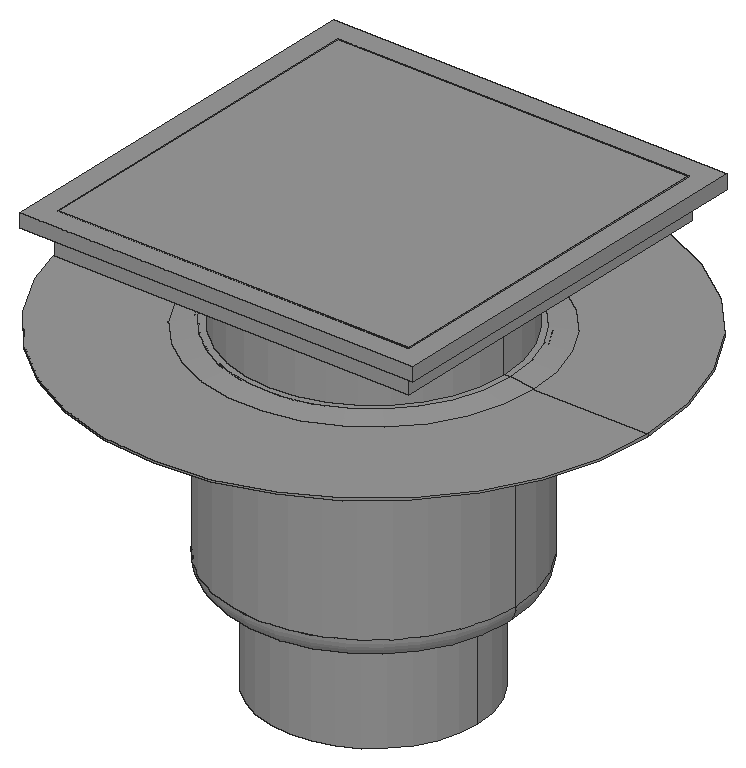
Revit family "ACO AUS Gully 218 Telescopic - Square Top - Vertical Outlet with Mechanical Flange - 300x3003", category Plumbing Fixtures, host Floor, Revit 2014 (continued)
Definition of nested family "Gully Detail Vertical"
  Lines and regions (mm)
    detail lines, style "0", in view "Ref. Level", detail levels medium+fine
      curve 94: line (123.54, 0.432, 0) -> (123.304, 0.911, 0)
      curve 95: line (123.304, 0.911, 0) -> (123.013, 1.347, 0)
      curve 96: line (123.013, 1.347, 0) -> (122.846, 1.548, 0)
      curve 97: line (122.846, 1.548, 0) -> (122.664, 1.736, 0)
      curve 98: line (122.664, 1.736, 0) -> (122.468, 1.907, 0)
      curve 99: line (122.468, 1.907, 0) -> (122.259, 2.062, 0)
      curve 100: line (122.259, 2.062, 0) -> (122.038, 2.196, 0)
      curve 101: line (122.038, 2.196, 0) -> (121.804, 2.311, 0)
      curve 102: line (121.804, 2.311, 0) -> (121.56, 2.402, 0)
      curve 103: line (121.56, 2.402, 0) -> (121.307, 2.469, 0)
      curve 104: line (121.307, 2.469, 0) -> (121.048, 2.51, 0)
      curve 105: line (121.048, 2.51, 0) -> (120.788, 2.523, 0)
      curve 106: line (-121.79, 2.523, 0) -> (-122.051, 2.51, 0)
      curve 107: line (-122.051, 2.51, 0) -> (-122.311, 2.469, 0)
      curve 108: line (-122.311, 2.469, 0) -> (-122.565, 2.401, 0)
      curve 109: line (-122.565, 2.401, 0) -> (-122.809, 2.31, 0)
      curve 110: line (-122.809, 2.31, 0) -> (-123.042, 2.195, 0)
      curve 111: line (-123.042, 2.195, 0) -> (-123.264, 2.06, 0)
      curve 112: line (-123.264, 2.06, 0) -> (-123.473, 1.905, 0)
      curve 113: line (-123.473, 1.905, 0) -> (-123.669, 1.733, 0)
      curve 114: line (-123.669, 1.733, 0) -> (-123.851, 1.545, 0)
      curve 115: line (-123.851, 1.545, 0) -> (-124.018, 1.344, 0)
      curve 116: line (-124.018, 1.344, 0) -> (-124.309, 0.907, 0)
      curve 117: line (-124.309, 0.907, 0) -> (-124.543, 0.431, 0)
      curve 118: line (-124.543, 0.431, 0) -> (-124.72, -0.076, 0)
      curve 119: line (-133.104, 2.523, 0) -> (-132.842, 2.51, 0)
      curve 120: line (-132.842, 2.51, 0) -> (-132.583, 2.469, 0)
      curve 121: line (-132.583, 2.469, 0) -> (-132.329, 2.401, 0)
      curve 122: line (-132.329, 2.401, 0) -> (-132.085, 2.31, 0)
      curve 123: line (-132.085, 2.31, 0) -> (-131.851, 2.195, 0)
      curve 124: line (-131.851, 2.195, 0) -> (-131.63, 2.06, 0)
      curve 125: line (-131.63, 2.06, 0) -> (-131.421, 1.905, 0)
      curve 126: line (-131.421, 1.905, 0) -> (-131.225, 1.733, 0)
      curve 127: line (-131.225, 1.733, 0) -> (-131.043, 1.545, 0)
      curve 128: line (-131.043, 1.545, 0) -> (-130.876, 1.344, 0)
      curve 129: line (-130.876, 1.344, 0) -> (-130.585, 0.907, 0)
      curve 130: line (-130.585, 0.907, 0) -> (-130.351, 0.431, 0)
      curve 131: line (-130.351, 0.431, 0) -> (-130.174, -0.076, 0)
      curve 132: line (179.999, 2.523, 0) -> (132.101, 2.523, 0)
      curve 133: line (120.788, 2.523, 0) -> (-121.79, 2.523, 0)
      curve 134: line (-133.104, 2.523, 0) -> (-180.001, 2.523, 0)
      curve 135: line (171.784, 2.523, 0) -> (183.499, 15.062, 0)
      curve 137: line (183.499, 15.062, 0) -> (182.403, 16.086, 0)
      curve 138: line (182.403, 16.086, 0) -> (-182.405, 16.086, 0)
      curve 139: line (-182.405, 16.086, 0) -> (-183.501, 15.062, 0)
      curve 140: line (-183.501, 15.062, 0) -> (-171.742, 2.523, 0)
    detail lines, style "0", in view "Ref. Level", detail levels fine
      curve 136: line (183.499, 15.062, 0) -> (-183.501, 15.062, 0)
      curve 141: line (142.23, 16.086, 0) -> (142.23, 23.586, 0)
      curve 142: line (142.23, 23.586, 0) -> (125.23, 23.586, 0)
      curve 143: line (125.23, 23.586, 0) -> (125.23, 16.086, 0)
      curve 144: line (142.23, 23.586, 0) -> (141.23, 25.586, 0)
      curve 145: line (141.23, 25.586, 0) -> (126.23, 25.586, 0)
      curve 146: line (126.23, 25.586, 0) -> (125.23, 23.586, 0)
      curve 147: line (63.892, 16.086, 0) -> (63.892, 23.586, 0)
      curve 148: line (63.892, 23.586, 0) -> (46.892, 23.586, 0)
      curve 149: line (46.892, 23.586, 0) -> (46.892, 16.086, 0)
      curve 150: line (63.892, 23.586, 0) -> (62.892, 25.586, 0)
      curve 151: line (62.892, 25.586, 0) -> (47.892, 25.586, 0)
      curve 152: line (47.892, 25.586, 0) -> (46.892, 23.586, 0)
      curve 153: line (-46.895, 16.086, 0) -> (-46.895, 23.586, 0)
      curve 154: line (-46.895, 23.586, 0) -> (-63.895, 23.586, 0)
      curve 155: line (-63.895, 23.586, 0) -> (-63.895, 16.086, 0)
      curve 156: line (-46.895, 23.586, 0) -> (-47.895, 25.586, 0)
      curve 157: line (-47.895, 25.586, 0) -> (-62.895, 25.586, 0)
      curve 158: line (-62.895, 25.586, 0) -> (-63.895, 23.586, 0)
      curve 159: line (-126.233, 16.086, 0) -> (-126.233, 23.586, 0)
      curve 160: line (-126.233, 23.586, 0) -> (-143.233, 23.586, 0)
      curve 161: line (-143.233, 23.586, 0) -> (-143.233, 16.086, 0)
      curve 162: line (-126.233, 23.586, 0) -> (-127.233, 25.586, 0)
      curve 163: line (-127.233, 25.586, 0) -> (-142.233, 25.586, 0)
      curve 164: line (-142.233, 25.586, 0) -> (-143.233, 23.586, 0)
  Dimensions and locks
    equal spacing: curve 4, plane 3 "Center (Left/Right)", curve 2
    "Top Connecting Plate Dia": curve 4 to curve 2
    equal spacing: curve 6, plane 3 "Center (Left/Right)", curve 7
    curve 6 to curve 7 = 218.000 mm
    equal spacing: curve 34, plane 3 "Center (Left/Right)", curve 38
    equal spacing: curve 37, curve 44, curve 43, curve 42, curve 41, curve 24, curve 22, curve 40, curve 39, curve 3, curve 1
    "Top Piece Height": curve 22 to curve 1
    "Botttom Piece Height": curve 22 to curve 37
    curve 15 to curve 16 to curve 17 to curve 17 to curve 17 to curve 19 to curve 20 = 3.031 mm locked, 0.901 mm locked, 2.165 mm locked, 2.165 mm locked, 0.901 mm locked, 3.031 mm locked
    "A or B": curve 39 to plane 1 "Center (Front/Back)"
    curve 8 to curve 10 to curve 11 to curve 13 = 3.932 mm locked, 4.330 mm locked, 3.932 mm locked
    aligned and locked: curve 2 to curve 45
    aligned and locked: curve 22 to curve 46
    aligned and locked: curve 34 to curve 48
    aligned and locked: curve 38 to curve 49
    aligned and locked: curve 51 to curve 37
    aligned and locked: curve 55 to curve 22
    aligned and locked: curve 45 to curve 54
    aligned and locked: curve 59 to curve 60
    aligned and locked: curve 63 to curve 64
  Automatic sketch dimensions
    plane 1 "Center (Front/Back)" to curve 1 = 0.000 mm
    curve 140 to plane 1 "Center (Front/Back)" = 15.062 mm
    curve 1 to curve 140 = 26.499 mm
    curve 136 to curve 138 = 1.096 mm
    curve 134 to plane 1 "Center (Front/Back)" = 2.523 mm
    curve 136 to curve 134 = 3.500 mm
    curve 138 to curve 160 = 39.172 mm
    curve 164 to plane 1 "Center (Front/Back)" = 25.586 mm
    curve 160 to curve 164 = 1.000 mm
    curve 161 to curve 119 = 10.129 mm
    curve 120 to plane 1 "Center (Front/Back)" = 2.510 mm
    curve 119 to curve 120 = 0.261 mm
    curve 120 to plane 1 "Center (Front/Back)" = 2.469 mm
    curve 119 to curve 120 = 0.259 mm
    curve 121 to plane 1 "Center (Front/Back)" = 2.401 mm
    curve 120 to curve 121 = 0.254 mm
    curve 122 to plane 1 "Center (Front/Back)" = 2.310 mm
    curve 121 to curve 122 = 0.244 mm
    curve 123 to plane 1 "Center (Front/Back)" = 2.195 mm
    curve 122 to curve 123 = 0.233 mm
    curve 124 to plane 1 "Center (Front/Back)" = 2.060 mm
    curve 123 to curve 124 = 0.222 mm
    curve 126 to plane 1 "Center (Front/Back)" = 1.905 mm
    curve 124 to curve 126 = 0.209 mm
    curve 126 to plane 1 "Center (Front/Back)" = 1.733 mm
    curve 125 to curve 126 = 0.196 mm
    curve 127 to plane 1 "Center (Front/Back)" = 1.545 mm
    curve 126 to curve 127 = 0.182 mm
    curve 128 to plane 1 "Center (Front/Back)" = 1.344 mm
    curve 127 to curve 128 = 0.167 mm
    curve 130 to plane 1 "Center (Front/Back)" = 0.907 mm
    curve 128 to curve 130 = 0.291 mm
    curve 131 to plane 1 "Center (Front/Back)" = 0.431 mm
    curve 129 to curve 131 = 0.234 mm
    curve 163 to curve 162 = 15.000 mm
    curve 162 to plane 1 "Center (Front/Back)" = 23.586 mm
    curve 162 to curve 162 = 1.000 mm
    curve 117 to plane 1 "Center (Front/Back)" = 0.431 mm
    curve 130 to curve 117 = 5.808 mm
    curve 116 to plane 1 "Center (Front/Back)" = 0.907 mm
    curve 117 to curve 116 = 0.234 mm
    curve 115 to plane 1 "Center (Front/Back)" = 1.344 mm
    curve 116 to curve 115 = 0.291 mm
    curve 115 to plane 1 "Center (Front/Back)" = 1.545 mm
    curve 115 to curve 115 = 0.167 mm
    curve 114 to plane 1 "Center (Front/Back)" = 1.733 mm
    curve 114 to curve 114 = 0.182 mm
    curve 113 to plane 1 "Center (Front/Back)" = 1.905 mm
    curve 113 to curve 113 = 0.196 mm
    curve 111 to plane 1 "Center (Front/Back)" = 2.060 mm
    curve 112 to curve 111 = 0.209 mm
    curve 111 to plane 1 "Center (Front/Back)" = 2.195 mm
    curve 111 to curve 111 = 0.222 mm
    curve 110 to plane 1 "Center (Front/Back)" = 2.310 mm
    curve 110 to curve 110 = 0.233 mm
    curve 109 to plane 1 "Center (Front/Back)" = 2.401 mm
    curve 109 to curve 109 = 0.244 mm
    curve 108 to plane 1 "Center (Front/Back)" = 2.469 mm
    curve 108 to curve 108 = 0.254 mm
    curve 106 to plane 1 "Center (Front/Back)" = 2.510 mm
    curve 107 to curve 106 = 0.259 mm
    curve 106 to plane 1 "Center (Front/Back)" = 2.523 mm
    curve 106 to curve 106 = 0.261 mm
    curve 56 to curve 6 = 2.000 mm
    curve 20 to curve 6 = 0.000 mm
    curve 6 to curve 16 = 1.750 mm
    curve 19 to curve 18 = 1.750 mm
    curve 18 to curve 17 = 0.310 mm
    curve 18 to curve 18 = 1.560 mm
    curve 20 to curve 21 = 16.500 mm
    curve 21 to curve 57 = 6.084 mm
    curve 57 to curve 73 = 5.916 mm
    curve 57 to curve 67 = 6.416 mm
    curve 66 to curve 71 = 1.499 mm
    curve 155 to plane 1 "Center (Front/Back)" = 23.586 mm
    curve 6 to curve 155 = 45.105 mm
    curve 158 to plane 1 "Center (Front/Back)" = 25.586 mm
    curve 154 to curve 158 = 1.000 mm
    curve 60 to curve 23 = 18.584 mm
    curve 23 to curve 24 = 5.916 mm
    curve 59 to curve 33 = 25.000 mm
    curve 44 to curve 34 = 0.000 mm
    curve 23 to curve 27 = 0.500 mm
    curve 50 to curve 37 = 2.000 mm
    curve 33 to curve 33 = 3.750 mm
    curve 157 to curve 157 = 15.000 mm
    curve 156 to curve 156 = 1.000 mm
    plane 3 "Center (Left/Right)" to curve 149 = 46.892 mm
    curve 148 to curve 151 = 1.000 mm
    curve 28 to curve 49 = 3.750 mm
    curve 35 to curve 52 = 2.000 mm
    curve 28 to curve 28 = 3.750 mm
    curve 26 to curve 24 = 0.500 mm
    curve 25 to curve 25 = 5.916 mm
    curve 151 to curve 151 = 15.000 mm
    curve 150 to plane 1 "Center (Front/Back)" = 23.586 mm
    curve 150 to curve 150 = 1.000 mm
    curve 71 to curve 68 = 23.536 mm
    curve 68 to curve 69 = 1.464 mm
    curve 64 to curve 73 = 0.500 mm
    curve 73 to curve 61 = 5.916 mm
    curve 61 to curve 22 = 6.084 mm
    curve 12 to curve 7 = 3.500 mm
    curve 8 to curve 7 = 3.500 mm
    curve 8 to curve 9 = 0.190 mm
    curve 12 to curve 11 = 0.190 mm
    curve 10 to curve 10 = 1.250 mm
    curve 10 to curve 11 = 1.560 mm
    plane 1 "Center (Front/Back)" to curve 9 = 61.934 mm
    curve 14 to curve 13 = 16.500 mm
    curve 5 to curve 5 = 2.000 mm
    curve 5 to curve 133 = 9.788 mm
    curve 105 to plane 1 "Center (Front/Back)" = 2.510 mm
    curve 105 to curve 105 = 0.261 mm
    curve 104 to plane 1 "Center (Front/Back)" = 2.469 mm
    curve 104 to curve 104 = 0.259 mm
    curve 103 to plane 1 "Center (Front/Back)" = 2.402 mm
    curve 103 to curve 103 = 0.253 mm
    curve 101 to plane 1 "Center (Front/Back)" = 2.311 mm
    curve 102 to curve 101 = 0.244 mm
    curve 101 to plane 1 "Center (Front/Back)" = 2.196 mm
    curve 101 to curve 101 = 0.233 mm
    curve 100 to plane 1 "Center (Front/Back)" = 2.062 mm
    curve 100 to curve 100 = 0.221 mm
    curve 99 to plane 1 "Center (Front/Back)" = 1.907 mm
    curve 99 to curve 99 = 0.209 mm
    curve 98 to plane 1 "Center (Front/Back)" = 1.736 mm
    curve 98 to curve 98 = 0.196 mm
    curve 96 to plane 1 "Center (Front/Back)" = 1.548 mm
    curve 97 to curve 96 = 0.182 mm
    curve 96 to plane 1 "Center (Front/Back)" = 1.347 mm
    curve 96 to curve 96 = 0.167 mm
    curve 95 to plane 1 "Center (Front/Back)" = 0.911 mm
    curve 95 to curve 95 = 0.291 mm
    curve 93 to plane 1 "Center (Front/Back)" = 0.432 mm
    curve 94 to curve 93 = 0.235 mm
    curve 146 to plane 1 "Center (Front/Back)" = 23.586 mm
    curve 103 to curve 146 = 3.923 mm
    curve 146 to plane 1 "Center (Front/Back)" = 25.586 mm
    curve 142 to curve 146 = 1.000 mm
    curve 81 to plane 1 "Center (Front/Back)" = 0.432 mm
    curve 93 to curve 81 = 5.809 mm
    curve 81 to plane 1 "Center (Front/Back)" = 0.911 mm
    curve 80 to curve 81 = 0.235 mm
    curve 82 to plane 1 "Center (Front/Back)" = 1.347 mm
    curve 81 to curve 82 = 0.291 mm
    curve 83 to plane 1 "Center (Front/Back)" = 1.548 mm
    curve 82 to curve 83 = 0.167 mm
    curve 84 to plane 1 "Center (Front/Back)" = 1.736 mm
    curve 83 to curve 84 = 0.182 mm
    curve 85 to plane 1 "Center (Front/Back)" = 1.907 mm
    curve 84 to curve 85 = 0.196 mm
    curve 86 to plane 1 "Center (Front/Back)" = 2.062 mm
    curve 85 to curve 86 = 0.209 mm
    curve 88 to plane 1 "Center (Front/Back)" = 2.196 mm
    curve 86 to curve 88 = 0.221 mm
    curve 88 to plane 1 "Center (Front/Back)" = 2.311 mm
    curve 87 to curve 88 = 0.233 mm
    curve 90 to plane 1 "Center (Front/Back)" = 2.402 mm
    curve 88 to curve 90 = 0.244 mm
    curve 90 to plane 1 "Center (Front/Back)" = 2.469 mm
    curve 89 to curve 90 = 0.253 mm
    curve 92 to plane 1 "Center (Front/Back)" = 2.510 mm
    curve 90 to curve 92 = 0.259 mm
    curve 91 to curve 132 = 0.261 mm
    curve 145 to curve 145 = 15.000 mm
    curve 144 to curve 142 = 1.000 mm
    curve 132 to plane 1 "Center (Front/Back)" = 2.523 mm
    curve 132 to curve 1 = 30.001 mm
    curve 132 to curve 138 = 2.404 mm
    curve 137 to curve 135 = 1.096 mm
    curve 52 to curve 35 = 7.464 mm
    curve 50 to curve 44 = 7.991 mm
    curve 34 to curve 71 = 16.009 mm
    curve 71 to curve 72 = 0.000 mm
    curve 69 to curve 68 = 5.464 mm
    curve 66 to curve 59 = 5.991 mm
    curve 59 to curve 43 = 26.009 mm
    curve 32 to curve 64 = 0.000 mm
    curve 59 to curve 33 = 0.000 mm
    curve 33 to curve 33 = 3.716 mm
    curve 41 to curve 48 = 11.733 mm
    curve 29 to curve 27 = 3.716 mm
    curve 28 to curve 28 = 3.716 mm
    curve 25 to curve 25 = 6.000 mm
    curve 57 to curve 57 = 6.000 mm
    plane 1 "Center (Front/Back)" to curve 45 = 66.000 mm
    plane 1 "Center (Front/Back)" to curve 56 = 3.500 mm
    plane 1 "Center (Front/Back)" to curve 78 = 1.477 mm
    plane 1 "Center (Front/Back)" to curve 79 = 1.477 mm
    curve 135 to curve 138 = 1.024 mm
    curve 148 to curve 152 = 2.000 mm
    curve 79 to plane 1 "Center (Front/Back)" = 0.023 mm
    curve 79 to curve 140 = 8.259 mm
    plane 1 "Center (Front/Back)" to curve 131 = 0.076 mm
    curve 130 to curve 131 = 0.177 mm
    plane 1 "Center (Front/Back)" to curve 118 = 0.076 mm
    curve 118 to curve 117 = 0.177 mm
    curve 75 to curve 60 = 0.000 mm
    curve 58 to curve 60 = 0.000 mm
    curve 59 to curve 77 = 0.163 mm
    curve 47 to curve 23 = 0.000 mm
    curve 55 to curve 25 = 0.621 mm
    curve 62 to curve 64 = 0.000 mm
    curve 76 to curve 62 = 0.000 mm
    plane 1 "Center (Front/Back)" to curve 93 = 0.076 mm
    curve 93 to curve 93 = 0.178 mm
    plane 1 "Center (Front/Back)" to curve 80 = 0.076 mm
    curve 80 to curve 80 = 0.178 mm
    curve 78 to plane 1 "Center (Front/Back)" = 0.023 mm
    curve 58 to curve 58 = 3.017 mm
    curve 62 to curve 62 = 3.017 mm
    curve 17 to curve 74 = 2.165 mm
Types (5, lengths in mm): name | Product Code 413029 | Product Code 413028 | Product Code 408236 | Product Code 408233 | Product Code 408226 | Product Code 408223 | Product Code 142008 | Product Code 142006 | Product Code 142005 | Product Code 142004 | Product Code 142003 | Product Code 142002 | Material | Gully Weight (Kg) | Gully Product Description | Gully Product Code | Gully Material | Grating product Code 416944 | Grating product Code 416917 | Grating product Code 416916 | Grating product Code 408145 | Grating product Code 408137 | Grating product Code 142010 | Grating Product Code 408141 | Grating Product Code 408135 | Grating Product Code 408134 | Grating Product Code 408045 | Grating Product Code 408041 | Grating Product Code 408037 | Grating Product Code 408035 | Grating Product Code 408034 | Foul Air Trap Seal Recycled Material Content | Foul Air Trap Seal Recyclable | Foul Air Trap Seal Material | Foul Air Trap Seal Colour | Flow Rate (l/s) | Foul Air Trap & Foul Air Trap Support Ring | 408135 - 268 x 268mm - Mesh Grating - Plain - Stainless Steel 316 | 408035 - 268 x 268mm - Mesh Grating - Plain - Stainless Steel 304
  (no name) | "N/A" | "2.0 litre removable strainer - Stainless steel grade 304 - 0.9kg" | "N/A" | "N/A" | "Waterproof bonding flange - Stainless steel grade 304 - 2.5kg" | "0.7 litre removable strainer - Stainless steel grade 304 - 0.6kg" | "N/A" | "N/A" | "N/A" | "N/A" | "N/A" | "N/A" | Stainless Steel AISI 304 | "6" | "ACO Gully 218 adjustable height gully with integrated clamping flange - DN160 vertical outlet with square top section without FAT - grade 304" | "142204" | "Stainless steel grade 304" | "Load Class M125 (EN 1253) - Cast grate - Slip Resistant - Stainless steel grade 304 - 168x168x25 - 5.6kg" | "N/A" | "Load Class R50 (EN 1253) - Ladder grate - Slip Resistant - Stainless steel grade 304 - 268x268x25 - 3.5kg" | "N/A" | "N/A" | "Load Class L15 (EN 1253) - 5 Star grate - Slip Resistant - Stainless steel grade 304 - 268x268x25 - 4.1kg" | "N/A" | "N/A" | "N/A" | "Load Class D210 (EN 1253) - Ladder grate - Plain - Stainless steel grade 304 - 268x268x25 - 6.2kg" | "Load Class L15 (EN 1253) - Arla grate - Slip Resistant - Stainless steel grade 304 - 268x268x25 - 1.8kg" | "Load Class M125 (EN 1253) - Ladder grate - Slip Resistant - Stainless steel grade 304 - 168x168x25 - 4.3kg" | "Load Class L15 (EN 1253) - Mesh grate - Plain - Stainless steel grade 304 - 268x268x25 - 2.1kg" | "Load Class L15 (EN 1253) - Mesh grate - Slip Resistant - Stainless steel grade 304 - 268x268x25 - 2.1kg" | "N/A" | "N/A" | "N/A" | "N/A" | "27.1" | no | no | yes
  142204 - Adjustable Height without FAT SS 304 | "N/A" | "2.0 litre removable strainer - Stainless steel grade 304 - 0.9kg" | "N/A" | "N/A" | "Waterproof bonding flange - Stainless steel grade 304 - 2.5kg" | "0.7 litre removable strainer - Stainless steel grade 304 - 0.6kg" | "N/A" | "N/A" | "N/A" | "N/A" | "N/A" | "N/A" | Stainless Steel AISI 304 | "6" | "ACO Gully 218 adjustable height gully with integrated clamping flange - DN160 vertical outlet with square top section without FAT - grade 304" | "142204" | "Stainless steel grade 304" | "Load Class M125 (EN 1253) - Cast grate - Slip Resistant - Stainless steel grade 304 - 168x168x25 - 5.6kg" | "N/A" | "Load Class R50 (EN 1253) - Ladder grate - Slip Resistant - Stainless steel grade 304 - 268x268x25 - 3.5kg" | "N/A" | "N/A" | "Load Class L15 (EN 1253) - 5 Star grate - Slip Resistant - Stainless steel grade 304 - 268x268x25 - 4.1kg" | "N/A" | "N/A" | "N/A" | "Load Class D210 (EN 1253) - Ladder grate - Plain - Stainless steel grade 304 - 268x268x25 - 6.2kg" | "Load Class L15 (EN 1253) - Arla grate - Slip Resistant - Stainless steel grade 304 - 268x268x25 - 1.8kg" | "Load Class M125 (EN 1253) - Ladder grate - Slip Resistant - Stainless steel grade 304 - 168x168x25 - 4.3kg" | "Load Class L15 (EN 1253) - Mesh grate - Plain - Stainless steel grade 304 - 268x268x25 - 2.1kg" | "Load Class L15 (EN 1253) - Mesh grate - Slip Resistant - Stainless steel grade 304 - 268x268x25 - 2.1kg" | "N/A" | "N/A" | "N/A" | "N/A" | "27.1" | no | no | yes
  142205 - Adjustable Height without FAT SS 316 | "2.0 litre removable strainer - Stainless steel grade 316 - 0.9kg" | "N/A" | "Waterproof bonding flange - Stainless steel grade 316 - 2.5kg" | "0.7 litre removable strainer - Stainless steel grade 316 - 0.6kg" | "N/A" | "N/A" | "Fixed strainer to suit a 160mm outlet - Stainless steel grade 316 - 0.1kg" | "N/A" | "Retention chain connecting removable strainer to grate - Stainless steel grade 316 - 0.1kg" | "N/A" | "Retention chain connecting fixed strainer to removable strainer - Stainless steel grade 316 - 0.1kg" | "N/A" | Stainless Steel AISI 316 | "6" | "ACO Gully 218 adjustable height gully with integrated clamping flange - DN160 vertical outlet with square top section without FAT - grade 316" | "142205" | "Stainless steel grade 316" | "N/A" | "Load Class R50 (EN 1253) - Ladder grate - Slip Resistant - Stainless steel grade 316 - 268x268x25 - 3.5kg" | "N/A" | "Load Class D210 (EN 1253) - Ladder grate - Plain - Stainless steel grade 316 - 268x268x25 - 6.2kg" | "Load Class M125 (EN 1253) - Ladder grate - Slip Resistant - Stainless steel grade 316 - 268x268x25 - 4.3kg" | "N/A" | "Load Class L15 (EN 1253) - Arla grate - Slip Resistant - Stainless steel grade 316 - 268x268x25 - 1.8kg" | "Load Class L15 (EN 1253) - Mesh grate - Plain - Stainless steel grade 316 - 268x268x25 - 2.1kg" | "Load Class L15 (EN 1253) - Mesh grate - Slip Resistant - Stainless steel grade 316 - 268x268x25 - 2.1kg" | "N/A" | "N/A" | "N/A" | "N/A" | "N/A" | "N/A" | "N/A" | "N/A" | "N/A" | "27.1" | no | yes | no
  142206 - Adjustable Height with FAT SS 304 | "N/A" | "2.0 litre removable strainer - Stainless steel grade 304 - 0.9kg" | "N/A" | "N/A" | "Waterproof bonding flange - Stainless steel grade 304 - 2.5kg" | "0.7 litre removable strainer - Stainless steel grade 304 - 0.6kg" | "N/A" | "N/A" | "N/A" | "N/A" | "N/A" | "N/A" | Stainless Steel AISI 304 | "7.1" | "ACO Gully 218 adjustable height gully with integrated clamping flange - DN160 vertical outlet with square top section with FAT - grade 304" | "142206" | "Stainless steel grade 304" | "Load Class M125 (EN 1253) - Cast grate - Slip Resistant - Stainless steel grade 304 - 168x168x25 - 5.6kg" | "N/A" | "Load Class R50 (EN 1253) - Ladder grate - Slip Resistant - Stainless steel grade 304 - 268x268x25 - 3.5kg" | "N/A" | "N/A" | "Load Class L15 (EN 1253) - 5 Star grate - Slip Resistant - Stainless steel grade 304 - 268x268x25 - 4.1kg" | "N/A" | "N/A" | "N/A" | "Load Class D210 (EN 1253) - Ladder grate - Plain - Stainless steel grade 304 - 268x268x25 - 6.2kg" | "Load Class L15 (EN 1253) - Arla grate - Slip Resistant - Stainless steel grade 304 - 268x268x25 - 1.8kg" | "Load Class M125 (EN 1253) - Ladder grate - Slip Resistant - Stainless steel grade 304 - 168x168x25 - 4.3kg" | "Load Class L15 (EN 1253) - Mesh grate - Plain - Stainless steel grade 304 - 268x268x25 - 2.1kg" | "Load Class L15 (EN 1253) - Mesh grate - Slip Resistant - Stainless steel grade 304 - 268x268x25 - 2.1kg" | "0%" | "Fully Recyclable" | "NBR" | "Black" | "5-5.5" | yes | no | yes
  142207 - Adjustable Height with FAT SS 316 | "2.0 litre removable strainer - Stainless steel grade 316 - 0.9kg" | "N/A" | "Waterproof bonding flange - Stainless steel grade 316 - 2.5kg" | "0.7 litre removable strainer - Stainless steel grade 316 - 0.6kg" | "N/A" | "N/A" | "Fixed strainer to suit a 160mm outlet - Stainless steel grade 316 - 0.1kg" | "Retention chain connecting removable FAT to grate - Stainless steel grade 316 - 0.1kg" | "Retention chain connecting removable strainer to grate - Stainless steel grade 316 - 0.1kg" | "Retention chain connecting to FAT  to removable strainer - Stainless steel grade 316 - 0.1kg" | "Retention chain connecting fixed strainer to removable strainer - Stainless steel grade 316 - 0.1kg" | "Retention chain connecting fixed strainer to FAT - Stainless steel grade 316 - 0.1kg" | Stainless Steel AISI 316 | "7.1" | "ACO Gully 218 adjustable height gully with integrated clamping flange - DN160 vertical outlet with square top section with FAT - grade 316" | "142207" | "Stainless steel grade 316" | "N/A" | "Load Class R50 (EN 1253) - Ladder grate - Slip Resistant - Stainless steel grade 316 - 268x268x25 - 3.5kg" | "N/A" | "Load Class D210 (EN 1253) - Ladder grate - Plain - Stainless steel grade 316 - 268x268x25 - 6.2kg" | "Load Class M125 (EN 1253) - Ladder grate - Slip Resistant - Stainless steel grade 316 - 268x268x25 - 4.3kg" | "N/A" | "Load Class L15 (EN 1253) - Arla grate - Slip Resistant - Stainless steel grade 316 - 268x268x25 - 1.8kg" | "Load Class L15 (EN 1253) - Mesh grate - Plain - Stainless steel grade 316 - 268x268x25 - 2.1kg" | "Load Class L15 (EN 1253) - Mesh grate - Slip Resistant - Stainless steel grade 316 - 268x268x25 - 2.1kg" | "N/A" | "N/A" | "N/A" | "N/A" | "N/A" | "0%" | "Fully Recyclable" | "NBR" | "Black" | "5-5.5" | yes | yes | no
